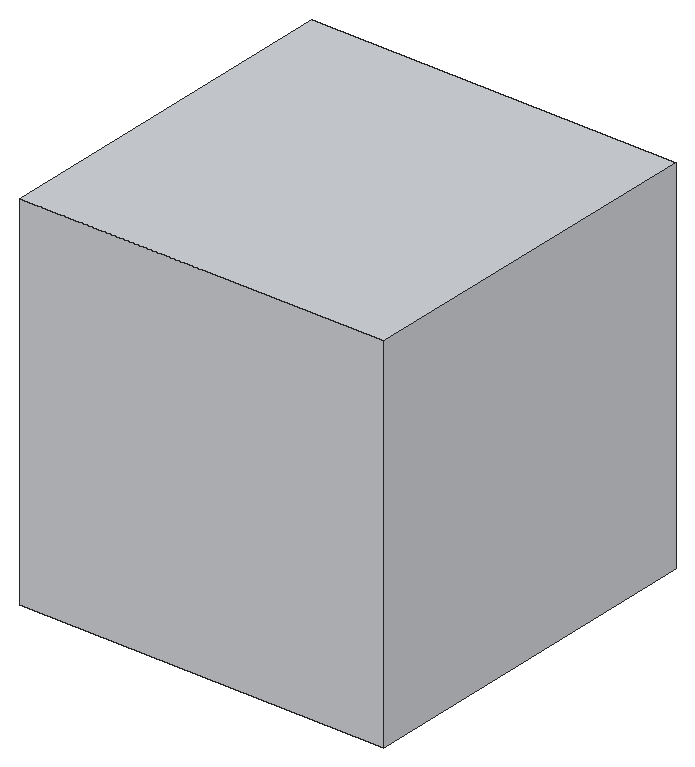
Revit family "AUTODESK G2", category Electrical Fixtures, Revit 2020
Family settings
  Maintain Annotation Orientation = Yes
  Round Connector Dimension = Use Diameter
  Part Type = Normal
  OmniClass Number = 23.80.00.00
  OmniClass Title = Electric Power and Lighting
  Work Plane-Based = No
  Always vertical = Yes
  Cut with Voids When Loaded = No
  Shared = No
  Room Calculation Point = No
Parameters
  Default Elevation = 30 cm
  DBA-Width = 5 cm
  DBA-Offset Right Left [instance] = 50 cm
  DBA-Height = 5 cm
  DBA-Distance From Wall [instance] = 20 cm
  DBA-Depth = 5 cm
Reference planes (cm)
  plane 1 "Center (Front/Back)": y = 0
  plane 2: z = 0
  plane 3 "Center (Left/Right)": x = 0
  plane 4: x = -2.5
  plane 5: x = 2.5
  plane 6: y = 2.5
  plane 7: y = -2.5
  plane 8: z = 5
  plane 9: y = 20
  plane 10: x = -50
  plane 11: x = 0
Forms (cm)
  Extrusion 1, solid
    sketch origin (0, 0, 0) x (1, 0, 0) y (0, 1, 0)
      loop
        line (-2.5, 2.5) -> (-2.5, -2.5) -> (2.5, -2.5) -> (2.5, 2.5) -> (-2.5, 2.5)
    from 0 to 5
Dimensions and locks (cm)
  equal spacing: plane 4, plane 3 "Center (Left/Right)", plane 5
  equal spacing: plane 7, plane 1 "Center (Front/Back)", plane 6
  "DBA-Width": plane 4 to plane 5
  "DBA-Depth": plane 7 to plane 6
  "DBA-Height": plane 8 to plane 2
  "DBA-Offset Right Left": plane 10 to plane 11
  "DBA-Distance From Wall": plane 1 "Center (Front/Back)" to plane 9
  aligned and locked: level to plane 2
  aligned and locked: plane 6 to Extrusion 1 sketch curve
  aligned and locked: plane 4 to Extrusion 1 sketch curve
  aligned and locked: plane 7 to Extrusion 1 sketch curve
  aligned and locked: plane 5 to Extrusion 1 sketch curve
  aligned and locked: plane 8 to Extrusion 1
  aligned and locked: Extrusion 1 to plane 2
  aligned and locked: nested 1 to plane 9
  aligned and locked: plane 11 to nested 1
Nested families (cm)
  nested 1: "G2" at (0, 20, 0), type "G2 Annotation"
Definition of nested family "G2"
  Reference planes (cm)
    plane 1: y = 0
    plane 2: x = 0
  Lines and regions (cm)
    detail lines
      curve 1: circle (0.0006, 0.2, 0) r 0.2 normal (0, 0, 1)
      curve 2: line (0.0005, 0.1999, 0) -> (0.6471, 1.0899, 0)
      curve 3: line (0.4105, 1.2618, 0) -> (0.8967, 0.9086, 0)
      curve 4: circle (1.2562, 1.2862, 0) r 0.3 normal (0, 0, 1)
      curve 9: circle (0, 0.1, 0) r 0.1 normal (0, 0, 1)
      curve 10: line (0, 0.0999, 0) -> (0.3233, 0.545, 0)
      curve 11: line (0.205, 0.6309, 0) -> (0.4481, 0.4543, 0)
      curve 12: circle (0.6278, 0.6431, 0) r 0.15 normal (0, 0, 1)
      curve 17: arc (1.2081, 1.3963, 0) -> (1.3002, 1.4276, 0) -> (1.3315, 1.3355, 0) r 0.0688
      curve 18: line (1.3315, 1.3355, 0) -> (1.1997, 1.1541, 0)
      curve 19: line (1.1997, 1.1541, 0) -> (1.346, 1.1541, 0)
      curve 23: arc (0.601, 0.6937, 0) -> (0.6471, 0.7094, 0) -> (0.6627, 0.6634, 0) r 0.0344
      curve 24: line (0.6627, 0.6634, 0) -> (0.5969, 0.5727, 0)
      curve 25: line (0.5969, 0.5727, 0) -> (0.67, 0.5727, 0)
    detail lines, not visible
      curve 5: circle (0.0067, 0.1955, 0) r 0.2 normal (0, 0, 1)
      curve 6: line (0.0066, 0.1954, 0) -> (0.6533, 1.0855, 0)
      curve 7: line (0.4167, 1.2574, 0) -> (0.9029, 0.9041, 0)
      curve 8: circle (1.2623, 1.2818, 0) r 0.3 normal (0, 0, 1)
      curve 13: circle (0.4898, 0.4411, 0) r 0.1 normal (0, 0, 1)
      curve 14: line (0.4897, 0.441, 0) -> (0.8131, 0.886, 0)
      curve 15: line (0.6948, 0.972, 0) -> (0.9379, 0.7954, 0)
      curve 16: circle (1.1176, 0.9842, 0) r 0.15 normal (0, 0, 1)
      curve 20: arc (1.2143, 1.3918, 0) -> (1.3064, 1.4231, 0) -> (1.3377, 1.331, 0) r 0.0688
      curve 21: line (1.3377, 1.331, 0) -> (1.2059, 1.1497, 0)
      curve 22: line (1.2059, 1.1497, 0) -> (1.3521, 1.1497, 0)
      curve 26: arc (1.0908, 1.0348, 0) -> (1.1369, 1.0505, 0) -> (1.1525, 1.0044, 0) r 0.0344
      curve 27: line (1.1525, 1.0044, 0) -> (1.0866, 0.9137, 0)
      curve 28: line (1.0866, 0.9137, 0) -> (1.1598, 0.9137, 0)
